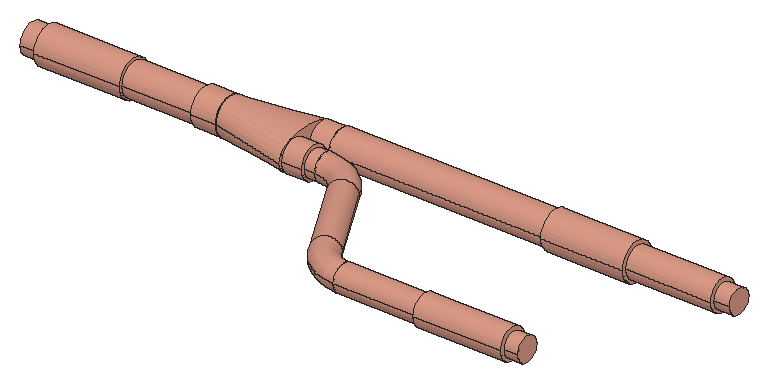
Revit family "outputfile", category 配管付属品, Revit 2024
Family settings
  丸型コネクタ寸法 = 半径を使用
  パーツ タイプ = 標準
  OmniClass 番号 = 23.65.55.00
  OmniClass タイトル = Distribution of Supplied Liquids/Gases
  作業面ベース = いいえ
  常に垂直 = はい
  ロード時にボイドで切り取り = いいえ
  共有 = いいえ
Parameters (values of type "KHRP25A22T")
  Description = ""
  製造元 = "Daikin"
  書き出し IFC クラス(タイプ) = "IfcPipeFittingType"
  定義済み IFC タイプ(タイプ) = "JUNCTION"
  Cost = 0
  Type Comments = ""
  Keynote = ""
  Type Image = (empty or 0)
  Assembly Code = ""
  mm⇔inch [instance] = yes
  Default Elevation = 0.0 mm
  モデル = "KHRP25A22T"
  table_StraightPipe [instance] = if(mm⇔inch, "Refnet Joint_KHRP25A-T_HPLPGas_StraightPipe", "Refnet Joint_KHRP25A-T_HPLPGas_StraightPipe_inch")  # "Refnet Joint_KHRP25A-T_HPLPGas_StraightPipe"
  table_BranchPipe [instance] = if(mm⇔inch, "Refnet Joint_KHRP25A-T_HPLPGas_BranchPipe", "Refnet Joint_KHRP25A-T_HPLPGas_BranchPipe_inch")  # "Refnet Joint_KHRP25A-T_HPLPGas_BranchPipe"
  table_Inlet [instance] = if(mm⇔inch, "Refnet Joint_KHRP25A-T_HPLPGas_Inlet", "Refnet Joint_KHRP25A-T_HPLPGas_Inlet_inch")  # "Refnet Joint_KHRP25A-T_HPLPGas_Inlet"
  switch_StraightPipe_Reducer [instance] = if(Is_StraightPipe Reducer = 1, 1 = 1, 1 = 0)  # no
  switch_StraightPipe3 [instance] = if(number_StraightPipe = 3, 1 = 1, 1 = 0)  # yes
  switch_StraightPipe2 [instance] = if(number_StraightPipe < 2, 1 = 0, 1 = 1)  # yes
  switch_BranchPipe_Reducer [instance] = if(Is_BranchPipe Reducer = 1, 1 = 1, 1 = 0)  # no
  switch_BranchPipe3 [instance] = if(number_BranchPipe = 3, 1 = 1, 1 = 0)  # no
  switch_BranchPipe2 [instance] = if(number_BranchPipe < 2, 1 = 0, 1 = 1)  # yes
  switch_Inlet pipe_Reducer [instance] = if(Is_Inlet Reducer = 1, 1 = 1, 1 = 0)  # no
  switch_Inlet pipe3 [instance] = if(number_InletPipe = 3, 1 = 1, 1 = 0)  # no
  switch_Inlet pipe2 [instance] = if(number_InletPipe < 2, 1 = 0, 1 = 1)  # yes
  Uniclass2015Version = "Products v1.31"
  Uniclass2015Title = "Copper pipe fittings"
  Uniclass2015Code = "Pr_65_52_63_18"
  URL = ""
  StraightPipe_HP/LP Gas_ActualDiameter [instance] = 9.5 mm
  Material_Piping = DAIKIN_Copper_Pipe
  Material_Insulation = DAIKIN_White_Insulation
  lw_Insulation [instance] = size_lookup(table_Inlet, "lw_Insulation", 60.0 mm, モデル)  # 60.0 mm
  Unit Type = "KHRP25A-T_HPLPGas"
  Tag No. [instance] = ""
  StraightPipe_HP/LP Gas_Status [instance] = size_lookup(table_StraightPipe, "Information", "The connected pipe size is not available.", モデル, [StraightPipe_HP/LP Gas_ActualDiameter])  # "Default connector size is used."
  Link_Nested Family [instance] = ""
  Inlet_HP/LP Gas_Actual Diameter [instance] = 12.7 mm
  IfcVersion = ""
  IfcExportType = "JUNCTION"
  IfcExportAs = "IfcPipeFittingType"
  BranchPipe_HP/LP Gas_Status [instance] = size_lookup(table_BranchPipe, "Information", "The connected pipe size is not available.", モデル, [BranchPipe_HP/LP Gas_ActualDiameter])  # "Default connector size is used."
  Inlet_HP/LP Gas_Status [instance] = size_lookup(table_Inlet, "Information", "The connected pipe size is not available.", モデル, [Inlet_HP/LP Gas_Actual Diameter])  # "Default connector size is used."
  Series = "Refnet Joint"
  O.R_dividePipe_Inlet [instance] = (I.D_InletPipe1 + 2.0 mm) / 2  # 8.95 mm
  r_StraightPipe_Connector [instance] = [StraightPipe_HP/LP Gas_ActualDiameter] / 2  # 4.75 mm
  r_BranchPipe_Connector [instance] = [BranchPipe_HP/LP Gas_ActualDiameter] / 2  # 4.75 mm
  r_Inlet_Connector [instance] = [Inlet_HP/LP Gas_Actual Diameter] / 2  # 6.35 mm
  number_StraightPipe [instance] = size_lookup(table_StraightPipe, "pipeNumber", 3, モデル, [StraightPipe_HP/LP Gas_ActualDiameter])  # 3
  number_BranchPipe [instance] = size_lookup(table_BranchPipe, "pipeNumber", 2, モデル, [BranchPipe_HP/LP Gas_ActualDiameter])  # 2
  number_InletPipe [instance] = size_lookup(table_Inlet, "pipeNumber", 2, モデル, [Inlet_HP/LP Gas_Actual Diameter])  # 2
  r_BranchPipeR [instance] = size_lookup(table_BranchPipe, "r_offsetPipeR", 20.0 mm, モデル, [BranchPipe_HP/LP Gas_ActualDiameter])  # 20.0 mm
  l_BranchPipe_Straight2 [instance] = size_lookup(table_BranchPipe, "L_offsetPipe2", 40.0 mm, モデル)  # 40.0 mm
  l_BranchPipe_Straight1 [instance] = size_lookup(table_BranchPipe, "L_offsetPipe1", 5.5 mm, モデル)  # 5.5 mm
  l_BranchPipe connector [instance] = size_lookup(table_BranchPipe, "Length", 165.0 mm, モデル, [BranchPipe_HP/LP Gas_ActualDiameter])  # 165.0 mm
  l_inlet connector [instance] = size_lookup(table_Inlet, "Length", 97.0 mm, モデル, [Inlet_HP/LP Gas_Actual Diameter])  # 97.0 mm
  l_dividePipe [instance] = size_lookup(table_Inlet, "L_devidePipe", 38.0 mm, モデル)  # 38.0 mm
  l_StraightPipeReducer [instance] = size_lookup(table_StraightPipe, "L_Reducer", 100.0 mm, モデル, [StraightPipe_HP/LP Gas_ActualDiameter])  # 100.0 mm
  l_StraightPipe3 [instance] = size_lookup(table_StraightPipe, "L_Pipe3", 8.0 mm, モデル)  # 8.0 mm
  l_StraightPipe2 [instance] = size_lookup(table_StraightPipe, "L_Pipe2", 42.0 mm, モデル)  # 42.0 mm
  l_StraightPipe1 [instance] = size_lookup(table_StraightPipe, "L_Pipe1", 40.0 mm, モデル)  # 40.0 mm
  l_StraightPipe0 [instance] = size_lookup(table_StraightPipe, "L_Pipe0", 105.0 mm, モデル)  # 105.0 mm
  l_StraightPipe connector [instance] = size_lookup(table_StraightPipe, "Length", 205.0 mm, モデル, [StraightPipe_HP/LP Gas_ActualDiameter])  # 205.0 mm
  l_BranchPipe Reducer [instance] = size_lookup(table_BranchPipe, "L_Reducer", 80.0 mm, モデル, [BranchPipe_HP/LP Gas_ActualDiameter])  # 80.0 mm
  l_BranchPipe3 [instance] = size_lookup(table_BranchPipe, "L_Pipe3", 2.0 mm, モデル)  # 2.0 mm
  l_BranchPipe2 [instance] = size_lookup(table_BranchPipe, "L_Pipe2", 7.0 mm, モデル)  # 7.0 mm
  l_BranchPipe1 [instance] = size_lookup(table_BranchPipe, "L_Pipe1", 43.0 mm, モデル)  # 43.0 mm
  l_BranchPipe0 [instance] = size_lookup(table_BranchPipe, "L_Pipe0", 105.0 mm, モデル)  # 105.0 mm
  l_InletReducer [instance] = size_lookup(table_Inlet, "L_Reducer", 60.0 mm, モデル, [Inlet_HP/LP Gas_Actual Diameter])  # 60.0 mm
  l_InletPipe3 [instance] = size_lookup(table_Inlet, "L_Pipe3", 2.0 mm, モデル)  # 2.0 mm
  l_InletPipe2 [instance] = size_lookup(table_Inlet, "L_Pipe2", 8.0 mm, モデル)  # 8.0 mm
  l_InletPipe1 [instance] = size_lookup(table_Inlet, "L_Pipe1", 42.0 mm, モデル)  # 42.0 mm
  l_InletPipe0 [instance] = size_lookup(table_Inlet, "L_Pipe0", 35.0 mm, モデル)  # 35.0 mm
  center_StraightPipe [instance] = size_lookup(table_StraightPipe, "center_Pipe", 8.5 mm, モデル)  # 8.5 mm
  center_BranchPipe2 [instance] = size_lookup(table_BranchPipe, "center_OffsetPipe", 71.5 mm, モデル)  # 71.5 mm
  center_BranchPipe1 [instance] = size_lookup(table_BranchPipe, "center_Pipe", 8.5 mm, モデル)  # 8.5 mm
  StraightPipe_HP/LP Gas_AvailableDiameter [instance] = size_lookup(table_StraightPipe, "sizeVariation", "", モデル)  # "9.5/12.7/15.9mm"
  BranchPipe_HP/LP Gas_AvailableDiameter [instance] = size_lookup(table_BranchPipe, "sizeVariation", "", モデル)  # "9.5/12.7mm"
  Inlet_HP/LP Gas_Available Diameter [instance] = size_lookup(table_Inlet, "sizeVariation", "", モデル)  # "9.5/12.7/15.9mm"
  O.D_StraightPipe Reducer [instance] = size_lookup(table_StraightPipe, "O.D_reducer", 2.0 mm, モデル, [StraightPipe_HP/LP Gas_ActualDiameter])  # 2.0 mm
  O.D_Offset Outlet Reducer [instance] = size_lookup(table_BranchPipe, "O.D_reducer", 2.0 mm, モデル, [BranchPipe_HP/LP Gas_ActualDiameter])  # 2.0 mm
  O.D_Inlet Reducer [instance] = size_lookup(table_Inlet, "O.D_reducer", 2.0 mm, モデル, [Inlet_HP/LP Gas_Actual Diameter])  # 2.0 mm
  Is_StraightPipe Reducer [instance] = size_lookup(table_StraightPipe, "IsReducer", 0, モデル, [StraightPipe_HP/LP Gas_ActualDiameter])  # 0
  Is_BranchPipe Reducer [instance] = size_lookup(table_BranchPipe, "IsReducer", 0, モデル, [BranchPipe_HP/LP Gas_ActualDiameter])  # 0
  Is_Inlet Reducer [instance] = size_lookup(table_Inlet, "IsReducer", 0, モデル, [Inlet_HP/LP Gas_Actual Diameter])  # 0
  BranchPipe_HP/LP Gas_ActualDiameter [instance] = 9.5 mm
  Attach_Insulation [instance] = no
  I.D_StraightPipe3 [instance] = size_lookup(table_StraightPipe, "I.D_PipeSize3", 9.5 mm, モデル)  # 9.5 mm
  I.D_StraightPipe2 [instance] = size_lookup(table_StraightPipe, "I.D_PipeSize2", 12.7 mm, モデル)  # 12.7 mm
  I.D_StraightPipe1 [instance] = size_lookup(table_StraightPipe, "I.D_PipeSize1", 15.9 mm, モデル)  # 15.9 mm
  I.D_StraightPipe0 [instance] = size_lookup(table_StraightPipe, "I.D_PipeSize0", 13.9 mm, モデル)  # 13.9 mm
  I.D_BranchPipe3 [instance] = size_lookup(table_BranchPipe, "I.D_PipeSize3", 2.0 mm, モデル)  # 2.0 mm
  I.D_BranchPipe2 [instance] = size_lookup(table_BranchPipe, "I.D_PipeSize2", 9.5 mm, モデル)  # 9.5 mm
  I.D_BranchPipe1 [instance] = size_lookup(table_BranchPipe, "I.D_PipeSize1", 12.7 mm, モデル)  # 12.7 mm
  I.D_BranchPipe0 [instance] = size_lookup(table_BranchPipe, "I.D_PipeSize0", 10.7 mm, モデル)  # 10.7 mm
  I.D_Straight Reducer [instance] = size_lookup(table_StraightPipe, "I.D_reducer", 2.0 mm, モデル, [StraightPipe_HP/LP Gas_ActualDiameter])  # 2.0 mm
  I.D_OutletPipe [instance] = size_lookup(table_Inlet, "I.D_OutletPipeSize", 13.3 mm, モデル, [Inlet_HP/LP Gas_Actual Diameter])  # 13.3 mm
  I.D_Branch Reducer [instance] = size_lookup(table_BranchPipe, "I.D_reducer", 2.0 mm, モデル, [BranchPipe_HP/LP Gas_ActualDiameter])  # 2.0 mm
  I.D_Inlet Reducer [instance] = size_lookup(table_Inlet, "I.D_reducer", 2.0 mm, モデル, [Inlet_HP/LP Gas_Actual Diameter])  # 2.0 mm
  I.D_InletPipe3 [instance] = size_lookup(table_Inlet, "I.D_PipeSize3", 2.0 mm, モデル)  # 2.0 mm
  I.D_InletPipe2 [instance] = size_lookup(table_Inlet, "I.D_PipeSize2", 12.7 mm, モデル)  # 12.7 mm
  I.D_InletPipe1 [instance] = size_lookup(table_Inlet, "I.D_PipeSize1", 15.9 mm, モデル)  # 15.9 mm
  I.D_InletPipe0 [instance] = size_lookup(table_Inlet, "I.D_PipeSize0", 13.9 mm, モデル)  # 13.9 mm
Reference planes
  plane 1 "Center (Front/Back)": y = 0
  plane 2: z = 0
  plane 3 "base_left": x = 0
  plane 4: x = 2
  plane 5: x = 10
  plane 6: x = 52
  plane 7: x = 87
  plane 8: x = 99
  plane 9: x = 137
  plane 10: x = 147
  plane 11 "center_straight outlet": y = 8.5
  plane 12 "center2_offset outlet": y = -71.5
  plane 13 "center1_offset outlet": y = -8.5
  plane 14: x = 252
  plane 15: x = 292
  plane 16: x = 334
  plane 17: x = 252
  plane 18: x = 295
  plane 19: x = 302
  plane 20: x = 342
  plane 21: x = 304
  plane 22 "Reducer_straightoutlet": x = 302
  plane 23: x = 342
  plane 24: y = -17.45
  plane 25: z = 8.95
  plane 26 "Inlet_connector": x = 2
  plane 27 "Left_Insulation": x = 39
Forms (mm)
  SweptBlend 1, solid, material "DAIKIN_Copper_Pipe" <- "Material_Piping"
    path origin (0, 0, 0) x (1, 0, 0) y (0, 1, 0)
      loop
        line (99, 0) -> (137, 0)
    profile origin (99, 0, 0) x (0, 1, 0) y (0, 0, 1)
      loop
        circle (0, 0) r 8.95
    end profile origin (137, 0, 0) x (0, 1, 0) y (0, 0, 1)
      loop
        spline (-17.45, 0) -> (-16.855, -2.316) -> (-15.112, -4.475) -> (-12.339, -6.329) -> (-8.725, -7.751) -> (-4.516, -8.645) -> (0, -8.95) -> (4.516, -8.645) -> (8.725, -7.751) -> (12.339, -6.329) -> (15.112, -4.475) -> (16.855, -2.316) -> (17.45, 0)
        spline (17.45, 0) -> (16.855, 2.316) -> (15.112, 4.475) -> (12.339, 6.329) -> (8.725, 7.751) -> (4.516, 8.645) -> (0, 8.95) -> (-4.516, 8.645) -> (-8.725, 7.751) -> (-12.339, 6.329) -> (-15.112, 4.475) -> (-16.855, 2.316) -> (-17.45, 0)
Dimensions and locks
  "l_InletPipe3": plane 3 "base_left" to plane 4
  "l_InletPipe2": plane 4 to plane 5
  "l_InletPipe1": plane 5 to plane 6
  "l_InletPipe0": plane 6 to plane 7
  locked: plane 7 to plane 8 at 12
  "center_StraightPipe": plane 1 "Center (Front/Back)" to plane 11 "center_straight outlet"
  "center_BranchPipe2": plane 12 "center2_offset outlet" to plane 1 "Center (Front/Back)"
  "center_BranchPipe1": plane 13 "center1_offset outlet" to plane 1 "Center (Front/Back)"
  "l_dividePipe": plane 8 to plane 9
  plane 9 to plane 10 = 10.0 mm
  "l_StraightPipe0": plane 10 to plane 14
  "l_BranchPipe0": plane 10 to plane 17
  "l_BranchPipe1": plane 17 to plane 18
  "l_BranchPipe2": plane 18 to plane 19
  "l_StraightPipe1": plane 14 to plane 15
  "l_StraightPipe2": plane 15 to plane 16
  "l_StraightPipe3": plane 16 to plane 20
  "l_BranchPipe3": plane 19 to plane 21
  "l_BranchPipe connector": plane 9 to plane 22 "Reducer_straightoutlet"
  "l_StraightPipe connector": plane 9 to plane 23
  "O.R_dividePipe_Inlet": plane 24 to plane 13 "center1_offset outlet"
  "O.R_dividePipe_Inlet": plane 25 to plane 2
  "l_inlet connector": plane 26 "Inlet_connector" to plane 8
  "lw_Insulation": plane 27 "Left_Insulation" to plane 8
  "O.R_dividePipe_Inlet": radius of SweptBlend 1 sketch curve
  aligned and locked: level to plane 2
  aligned and locked: plane 2 to nested 1
  aligned and locked: plane 3 "base_left" to nested 1
  aligned and locked: plane 1 "Center (Front/Back)" to nested 1
  aligned and locked: plane 4 to nested 2
  aligned and locked: plane 1 "Center (Front/Back)" to nested 2
  aligned and locked: plane 5 to nested 2
  aligned and locked: plane 5 to nested 3
  aligned and locked: plane 6 to nested 3
  aligned and locked: plane 6 to nested 4
  aligned and locked: nested 4 to plane 7
  aligned and locked: nested 5 to plane 7
  aligned and locked: nested 5 to plane 8
  aligned and locked: plane 8 to SweptBlend 1 sketch curve
  aligned and locked: plane 9 to SweptBlend 1 sketch curve
  aligned and locked: plane 2 to SweptBlend 1 sketch curve  (x2)
  aligned and locked: plane 1 "Center (Front/Back)" to SweptBlend 1 sketch curve  (x2)
  aligned and locked: nested 6 to plane 9
  aligned and locked: nested 7 to plane 9
  aligned and locked: nested 6 to plane 11 "center_straight outlet"
  aligned and locked: nested 7 to plane 13 "center1_offset outlet"
  aligned and locked: nested 7 to plane 10
  aligned and locked: nested 6 to plane 10
  aligned and locked: nested 8 to plane 10
  aligned and locked: plane 14 to nested 8
  aligned and locked: nested 8 to plane 11 "center_straight outlet"
  aligned and locked: plane 14 to nested 9
  aligned and locked: nested 9 to plane 11 "center_straight outlet"
  aligned and locked: plane 15 to nested 9
  aligned and locked: nested 10 to plane 11 "center_straight outlet"
  aligned and locked: plane 15 to nested 10
  aligned and locked: plane 16 to nested 10
  aligned and locked: nested 11 to plane 12 "center2_offset outlet"
  aligned and locked: plane 17 to nested 11
  aligned and locked: plane 18 to nested 11
  aligned and locked: nested 12 to plane 12 "center2_offset outlet"
  aligned and locked: plane 18 to nested 12
  aligned and locked: plane 19 to nested 12
  aligned and locked: nested 13 to plane 10
  aligned and locked: nested 13 to plane 13 "center1_offset outlet"
  aligned and locked: nested 13 to plane 12 "center2_offset outlet"
  aligned and locked: plane 8 to nested 14
  aligned and locked: plane 1 "Center (Front/Back)" to nested 14
  aligned and locked: plane 11 "center_straight outlet" to nested 15
  aligned and locked: nested 15 to plane 9
  aligned and locked: nested 16 to plane 9
  aligned and locked: plane 12 "center2_offset outlet" to nested 16
  aligned and locked: nested 17 to plane 1 "Center (Front/Back)"
  aligned and locked: plane 16 to nested 18
  aligned and locked: plane 20 to nested 18
  aligned and locked: plane 19 to nested 19
  aligned and locked: plane 21 to nested 19
  aligned and locked: nested 20 to plane 12 "center2_offset outlet"
  aligned and locked: plane 23 to nested 21
  aligned and locked: nested 21 to plane 11 "center_straight outlet"
  aligned and locked: plane 4 to nested 1
  aligned and locked: plane 24 to SweptBlend 1 sketch curve
  aligned and locked: plane 25 to SweptBlend 1 sketch curve
  aligned and locked: nested 19 to plane 12 "center2_offset outlet"
  aligned and locked: nested 18 to plane 11 "center_straight outlet"
  aligned and locked: nested 17 to plane 26 "Inlet_connector"
  aligned and locked: plane 22 "Reducer_straightoutlet" to nested 20
  aligned and locked: plane 27 "Left_Insulation" to nested 22
  aligned and locked: plane 1 "Center (Front/Back)" to nested 22
Automatic sketch dimensions
  plane 1 "Center (Front/Back)" to SweptBlend 1 sketch curve = 0.0 mm
Nested families
  nested 1: "daikin_Pipe" at (1, 0, 0), I.D_Pipe <- "I.D_InletPipe3", display <- "switch_Inlet pipe3", type "*"
    with length_Pipe 2.0 mm, display no, O.D_Pipe 4.0 mm, I.D_Pipe 2.0 mm
  nested 2: "daikin_Pipe" at (6, 0, 0), I.D_Pipe <- "I.D_InletPipe2", display <- "switch_Inlet pipe2", type "*"
    with length_Pipe 8.0 mm, display yes, O.D_Pipe 14.7 mm, I.D_Pipe 12.7 mm
  nested 3: "daikin_Pipe" at (31, 0, 0), I.D_Pipe <- "I.D_InletPipe1", type "*"
    with length_Pipe 42.0 mm, display yes, O.D_Pipe 17.9 mm, I.D_Pipe 15.9 mm
  nested 4: "daikin_Pipe" at (69.5, 0, 0), I.D_Pipe <- "I.D_InletPipe0", type "*"
    with length_Pipe 35.0 mm, display yes, O.D_Pipe 15.9 mm, I.D_Pipe 13.9 mm
  nested 5: "daikin_Pipe" at (93, 0, 0), I.D_Pipe <- "I.D_InletPipe1", type "*"
    with length_Pipe 12.0 mm, display yes, O.D_Pipe 17.9 mm, I.D_Pipe 15.9 mm
  nested 6: "daikin_Pipe" at (142, 8.5, 0), I.D_Pipe <- "I.D_OutletPipe", type "*"
    with length_Pipe 10.0 mm, display yes, O.D_Pipe 15.3 mm, I.D_Pipe 13.3 mm
  nested 7: "daikin_Pipe" at (142, -8.5, 0), I.D_Pipe <- "I.D_OutletPipe", type "*"
    with length_Pipe 10.0 mm, display yes, O.D_Pipe 15.3 mm, I.D_Pipe 13.3 mm
  nested 8: "daikin_Pipe" at (199.5, 8.5, 0), I.D_Pipe <- "I.D_StraightPipe0", type "*"
    with length_Pipe 105.0 mm, display yes, O.D_Pipe 15.9 mm, I.D_Pipe 13.9 mm
  nested 9: "daikin_Pipe" at (272, 8.5, 0), I.D_Pipe <- "I.D_StraightPipe1", type "*"
    with length_Pipe 40.0 mm, display yes, O.D_Pipe 17.9 mm, I.D_Pipe 15.9 mm
  nested 10: "daikin_Pipe" at (313, 8.5, 0), I.D_Pipe <- "I.D_StraightPipe2", display <- "switch_StraightPipe2", type "*"
    with length_Pipe 42.0 mm, display yes, O.D_Pipe 14.7 mm, I.D_Pipe 12.7 mm
  nested 11: "daikin_Pipe" at (273.5, -71.5, 0), I.D_Pipe <- "I.D_BranchPipe1", type "*"
    with length_Pipe 43.0 mm, display yes, O.D_Pipe 14.7 mm, I.D_Pipe 12.7 mm
  nested 12: "daikin_Pipe" at (298.5, -71.5, 0), I.D_Pipe <- "I.D_BranchPipe2", display <- "switch_BranchPipe2", type "*"
    with length_Pipe 7.0 mm, display yes, O.D_Pipe 11.5 mm, I.D_Pipe 9.5 mm
  nested 13: "daikin_Pipe Ofsset" at (147, -8.5, 0), I.D_Pipe size <- "I.D_BranchPipe0", length_straight pipe1 <- "l_BranchPipe_Straight1", length_straight pipe2 <- "l_BranchPipe_Straight2", r_Pipe R <- "r_BranchPipeR", length_Pipe <- "l_BranchPipe0", type "*"
    with r_Pipe R 20.0 mm, length_straight pipe2 40.0 mm, length_straight pipe1 5.5 mm, length_offset center 63.0 mm, length_Pipe 105.0 mm, O.D_Pipe size 12.7 mm, I.D_Pipe size 10.7 mm
  nested 14: "daikin_connector_rotate2" at (99, 0, 0) x (0, -1, 0) z (0, 0, 1), length <- "l_inlet connector", type "daikin_connector_rotate2"
    with radius 5.0 mm, length 97.0 mm, angle_vertical 90.00°, locaton_mark no
  nested 15: "daikin_connector_rotate2" at (137, 8.5, 0) x (0, 1, 0) z (0, 0, 1), length <- "l_StraightPipe connector", type "daikin_connector_rotate2"
    with radius 5.0 mm, length 205.0 mm, angle_vertical 90.00°, locaton_mark no
  nested 16: "daikin_connector_rotate2" at (137, -71.5, 0) x (0, 1, 0) z (0, 0, 1), length <- "l_BranchPipe connector", type "daikin_connector_rotate2"
    with radius 5.0 mm, length 165.0 mm, angle_vertical 90.00°, locaton_mark no
  nested 17: "daikin_Pipe_reducer" at (32, 0, 0) x (-1, 0, 0) z (0, 0, 1), display <- "switch_Inlet pipe_Reducer", length_Pipe <- "l_InletReducer", I.D_Pipe1 <- "I.D_Inlet Reducer", O.D_Pipe2 <- "O.D_Inlet Reducer", type "*"
    with length_Pipe 60.0 mm, display no, O.D_Pipe2 2.0 mm, O.D_Pipe1 4.0 mm, I.D_Pipe2 0.0 mm, I.D_Pipe1 2.0 mm
  nested 18: "daikin_Pipe" at (338, 8.5, 0), I.D_Pipe <- "I.D_StraightPipe3", display <- "switch_StraightPipe3", type "*"
    with length_Pipe 8.0 mm, display yes, O.D_Pipe 11.5 mm, I.D_Pipe 9.5 mm
  nested 19: "daikin_Pipe" at (303, -71.5, 0), I.D_Pipe <- "I.D_BranchPipe3", display <- "switch_BranchPipe3", type "*"
    with length_Pipe 2.0 mm, display no, O.D_Pipe 4.0 mm, I.D_Pipe 2.0 mm
  nested 20: "daikin_Pipe_reducer" at (262, -71.5, 0), I.D_Pipe1 <- "I.D_Branch Reducer", O.D_Pipe2 <- "O.D_Offset Outlet Reducer", length_Pipe <- "l_BranchPipe Reducer", display <- "switch_BranchPipe_Reducer", type "*"
    with length_Pipe 80.0 mm, display no, O.D_Pipe2 2.0 mm, O.D_Pipe1 4.0 mm, I.D_Pipe2 0.0 mm, I.D_Pipe1 2.0 mm
  nested 21: "daikin_Pipe_reducer" at (292, 8.5, 0), I.D_Pipe1 <- "I.D_Straight Reducer", O.D_Pipe2 <- "O.D_StraightPipe Reducer", length_Pipe <- "l_StraightPipeReducer", display <- "switch_StraightPipe_Reducer", type "*"
    with length_Pipe 100.0 mm, display no, O.D_Pipe2 2.0 mm, O.D_Pipe1 4.0 mm, I.D_Pipe2 0.0 mm, I.D_Pipe1 2.0 mm
  nested 22: "daikin_Insulation_RefnetJoint" at (39, 0, 0), I.D_Outlet PipeSize <- "I.D_OutletPipe", type "*"
    with h 45.3 mm, I.D_Outlet PipeSize 13.3 mm
Connectors
  piping at (2, 0, 0), diameter 12.7, driven by "r_Inlet_Connector"
    settings: on nested 14, index 1, connector inside diameter 609.6 mm, connector length 0.0 mm, flow factor 0, pipe flow 0.00 m³/h, pressure drop 0.0 Pa, fitting loss kfactor 0, connector angle 0.00°, fixture units 0, engagement length 0.0 mm, angle of deflection 0.00°, flow configuration 0, flow direction 0, fitting loss method 0, system type 29, joint type 0, gender type 0, connector reference index -1, connector utility 0, adjustable connector no, is connector primary yes, connector description "Refnet Joint_Inlet_HP/LP Gas"
  piping at (302, -71.5, 0), diameter 9.5, driven by "r_BranchPipe_Connector"
    settings: on nested 16, index 2, connector inside diameter 609.6 mm, connector length 0.0 mm, flow factor 0, pipe flow 0.00 m³/h, pressure drop 0.0 Pa, fitting loss kfactor 0, connector angle 0.00°, fixture units 0, engagement length 0.0 mm, angle of deflection 0.00°, flow configuration 0, flow direction 0, fitting loss method 0, system type 29, joint type 0, gender type 0, connector reference index -1, connector utility 0, adjustable connector no, is connector primary no, connector description "Refnet Joint_Outlet Branch_HP/LP Gas"
  piping at (342, 8.5, 0), diameter 9.5, driven by "r_StraightPipe_Connector"
    settings: on nested 15, index 3, connector inside diameter 609.6 mm, connector length 0.0 mm, flow factor 0, pipe flow 0.00 m³/h, pressure drop 0.0 Pa, fitting loss kfactor 0, connector angle 0.00°, fixture units 0, engagement length 0.0 mm, angle of deflection 0.00°, flow configuration 0, flow direction 0, fitting loss method 0, system type 29, joint type 0, gender type 0, connector reference index -1, connector utility 0, adjustable connector no, is connector primary no, connector description "Refnet Joint_Outlet Straight_HP/LP Gas"
Definition of nested family "daikin_Pipe"
  Parameters (values of type "*")
    Default Elevation = 0.0 mm
    material = none
    length_Pipe [instance] = 150.0 mm
    display [instance] = yes
    O.D_Pipe [instance] = I.D_Pipe + 2.0 mm  # 27.0 mm
    I.D_Pipe [instance] = 25.0 mm
  Reference planes
    plane 1 "Center (Front/Back)": y = 0
    plane 2 "center(vertical)": z = 0
    plane 3 "Center (Left/Right)": x = 0
    plane 4 "left": x = -75
    plane 5 "right": x = 75
  Forms (mm)
    Extrusion 1, solid, material <- "material", visible <- "display"
      sketch origin (0, 0, 0) x (0, 1, 0) y (0, 0, 1)
        loop
          circle (0, 0) r 13.5
      from -75 to 75
  Dimensions and locks
    equal spacing: plane 4 "left", plane 3 "Center (Left/Right)", plane 5 "right"
    "length_Pipe": plane 4 "left" to plane 5 "right"
    "O.D_Pipe": diameter of Extrusion 1 sketch curve
    aligned and locked: level to plane 2 "center(vertical)"
    aligned and locked: plane 2 "center(vertical)" to Extrusion 1 sketch curve
    aligned and locked: plane 1 "Center (Front/Back)" to Extrusion 1 sketch curve
    aligned and locked: plane 5 "right" to Extrusion 1
    aligned and locked: Extrusion 1 to plane 4 "left"
Definition of nested family "daikin_Pipe Ofsset"
  Parameters (values of type "*")
    Default Elevation = 0.0 mm
    r_Pipe R [instance] = 40.0 mm
    material = none
    length_straight pipe2 [instance] = 43.0 mm
    length_straight pipe1 [instance] = 5.0 mm
    length_offset center [instance] = 57.0 mm
    length_Pipe [instance] = 110.0 mm
    O.D_Pipe size [instance] = I.D_Pipe size + 2.0 mm  # 12.0 mm
    I.D_Pipe size [instance] = 10.0 mm
  Reference planes
    plane 1 "Center (Front/Back)": y = 0
    plane 2: z = 0
    plane 3 "Center (Left/Right)": x = 0
    plane 4: y = -57
    plane 5: x = 110
    plane 6: x = 67
    plane 7: x = 5
  Forms (mm)
    Sweep 1, solid, material <- "material"
      path origin (0, 0, 0) x (1, 0, 0) y (0, 1, 0)
        loop
          line (0, 0) -> (5, 0)
          arc (5, 0) -> (20.74, -3.227) -> (33.94, -12.387) r 40
          line (33.94, -12.387) -> (38.06, -44.613)
          arc (38.06, -44.613) -> (51.26, -53.773) -> (67, -57) r 40
          line (67, -57) -> (110, -57)
      profile origin (2.5, 0, 0) x (0, 1, 0) y (0, 0, 1)
        loop
          circle (0, 0) r 6
  Dimensions and locks
    "length_offset center": plane 4 to plane 1 "Center (Front/Back)"
    "length_straight pipe1": plane 3 "Center (Left/Right)" to plane 7
    "length_Pipe": plane 3 "Center (Left/Right)" to plane 5
    "length_straight pipe2": plane 6 to plane 5
    "O.D_Pipe size": diameter of Sweep 1 sketch curve
    "r_Pipe R": radius of Sweep 1 sketch curve  (x2)
    aligned and locked: level to plane 2
    aligned and locked: plane 1 "Center (Front/Back)" to Sweep 1 sketch curve
    aligned and locked: profile plane to Sweep 1 sketch curve
    aligned and locked: plane 5 to Sweep 1 sketch curve
    aligned and locked: plane 7 to Sweep 1 sketch curve
    aligned and locked: plane 6 to Sweep 1 sketch curve
  Automatic sketch dimensions
    plane 1 "Center (Front/Back)" to Sweep 1 sketch curve = 0.0 mm
    Sweep 1 sketch curve to plane 3 "Center (Left/Right)" = 0.0 mm
    plane 4 to Sweep 1 sketch curve = 0.0 mm
    plane 1 "Center (Front/Back)" to Sweep 1 sketch curve = 12.387 mm
    Sweep 1 sketch curve to plane 4 = 12.387 mm
Definition of nested family "daikin_connector_rotate2"
  Parameters (values of type "daikin_connector_rotate2")
    show_face = no
    radius [instance] = 10.0 mm
    locaton_mark = yes
    length [instance] = 600.0 mm
    d_surface = 10.0 mm
    angle_vertical [instance] = 90.00°
    Default Elevation = 0.0 mm
  Reference planes
    plane 1 "Center (Front/Back)": y = 0
    plane 2: z = 0
    plane 3 "Center (Left/Right)": x = 0
  Forms (mm)
    Extrusion 1, solid, visible <- "show_face"
      sketch origin (0, -600, 0) x (1, 0, 0) y (0, 0, 1)
        loop
          circle (0, 0) r 10
      from 0 to -10
  Lines and regions (mm)
    reference lines
      curve 1: line (0, 0, 0) -> (0, -600, 0)
    symbolic lines, visible <- "locaton_mark"
      curve 2: circle (0, 0, 0) r 5 normal (0, 0, 1)
    model lines, visible <- "show_face"
      curve 3: line (0, 0, 0) -> (0, -600, 0)
  Dimensions and locks
    "length": curve 1 to curve 1
    "length": curve 3 to curve 3
    "d_surface": Extrusion 1 to Extrusion 1
    "radius": radius of Extrusion 1 sketch curve
    "angle_vertical": angle curve 1 to plane 1 "Center (Front/Back)"
    "angle_vertical": angle curve 3 to plane 1 "Center (Front/Back)"
    aligned and locked: level to plane 2
    aligned and locked: plane 1 "Center (Front/Back)" to curve 1
    aligned and locked: plane 2 to curve 1
    aligned and locked: plane 1 "Center (Front/Back)" to curve 2
    aligned and locked: plane 3 "Center (Left/Right)" to curve 2
    aligned and locked: plane 1 "Center (Front/Back)" to curve 3
    aligned and locked: plane 2 to curve 3
    aligned and locked: Extrusion 1 to Extrusion 1
  Automatic sketch dimensions
    Extrusion 1 sketch curve to level = 0.0 mm
    Extrusion 1 sketch curve to plane 3 "Center (Left/Right)" = 0.0 mm
    radius of curve 2 = 5.0 mm
Definition of nested family "daikin_Pipe_reducer"
  Parameters (values of type "*")
    Default Elevation = 0.0 mm
    material = none
    length_Pipe [instance] = 250.0 mm
    display [instance] = yes
    O.D_Pipe2 [instance] = 19.1 mm
    O.D_Pipe1 [instance] = I.D_Pipe1 + 2.0 mm  # 24.2 mm
    I.D_Pipe2 [instance] = O.D_Pipe2 - 2.0 mm  # 17.1 mm
    I.D_Pipe1 [instance] = 22.2 mm
  Reference planes
    plane 1 "Center (Front/Back)": y = 0
    plane 2 "center(vertical)": z = 0
    plane 3 "Center (Left/Right)": x = 0
    plane 4 "connection": x = -125
    plane 5 "right": x = 113
    plane 6: x = 125
  Forms (mm)
    Extrusion 1, solid, material <- "material", visible <- "display"
      sketch origin (0, 0, 0) x (0, 1, 0) y (0, 0, 1)
        loop
          circle (0, 0) r 9.55
      from -125 to 113
    Extrusion 2, solid, material <- "material", visible <- "display"
      sketch origin (0, 0, 0) x (0, 1, 0) y (0, 0, 1)
        loop
          circle (0, 0) r 12.1
      from 113 to 125
  Dimensions and locks
    locked: plane 5 "right" to plane 6 at 12
    "length_Pipe": plane 4 "connection" to plane 6
    equal spacing: plane 4 "connection", plane 3 "Center (Left/Right)", plane 6
    "O.D_Pipe2": diameter of Extrusion 1 sketch curve
    "O.D_Pipe1": diameter of Extrusion 2 sketch curve
    aligned and locked: level to plane 2 "center(vertical)"
    aligned and locked: plane 2 "center(vertical)" to Extrusion 1 sketch curve
    aligned and locked: plane 1 "Center (Front/Back)" to Extrusion 1 sketch curve
    aligned and locked: plane 5 "right" to Extrusion 1
    aligned and locked: Extrusion 1 to plane 4 "connection"
    aligned and locked: plane 2 "center(vertical)" to Extrusion 2 sketch curve
    aligned and locked: plane 1 "Center (Front/Back)" to Extrusion 2 sketch curve
    aligned and locked: Extrusion 2 to plane 5 "right"
    aligned and locked: plane 6 to Extrusion 2
Definition of nested family "daikin_Insulation_RefnetJoint"
  Parameters (values of type "*")
    r_Insulation = size_lookup(table_Insulation, "r_Insulation", 13.5 mm, Model)  # 13.5 mm
    h_Insulation = size_lookup(table_Insulation, "h_Insulation", 202.5 mm, Model)  # 202.5 mm
    d_Insulation3_3 = size_lookup(table_Insulation, "d_Insulation3_3", 68.0 mm, Model)  # 68.0 mm
    d_Insulation2_2 = size_lookup(table_Insulation, "d_Insulation2_2", 39.5 mm, Model)  # 39.5 mm
    d_Insulation1_1 = size_lookup(table_Insulation, "d_Insulation1_1", 28.0 mm, Model)  # 28.0 mm
    Default Elevation = 0.0 mm
    Model = "KHRP25A22T"
    w_Insulation5 = size_lookup(table_Insulation, "w_Insulation5", 212.0 mm, Model)  # 212.0 mm
    w_Insulation4 = size_lookup(table_Insulation, "w_Insulation4", 67.0 mm, Model)  # 67.0 mm
    w_Insulation3 = size_lookup(table_Insulation, "w_Insulation3", 34.7 mm, Model)  # 34.7 mm
    w_Insulation2 = size_lookup(table_Insulation, "w_Insulation2", 80.0 mm, Model)  # 80.0 mm
    w_Insulation1 = size_lookup(table_Insulation, "w_Insulation1", 22.0 mm, Model)  # 22.0 mm
    table_Insulation = "Refnet Joint_KHRP25A-T_HPLPGas_Insulation"  # constant formula
    material = none
    h [instance] = (I.D_Outlet PipeSize + 2.0 mm) + 30.0 mm  # 47.0 mm
    display = no
    d_Insulation3 = size_lookup(table_Insulation, "d_Insulation3", 63.5 mm, Model)  # 63.5 mm
    d_Insulation2 = size_lookup(table_Insulation, "d_Insulation2", 39.5 mm, Model)  # 39.5 mm
    d_Insulation1 = size_lookup(table_Insulation, "d_Insulation1", 28.0 mm, Model)  # 28.0 mm
    I.D_Outlet PipeSize [instance] = 15.0 mm
  Reference planes
    plane 1 "Center (Front/Back)": y = 0
    plane 2: z = 0
    plane 3 "Left": x = 0
    plane 4 "top": z = 23.5
    plane 5 "bottom": z = -23.5
    plane 6: x = 22
    plane 7: x = 80
    plane 8: y = 28
    plane 9: y = -28
    plane 10: y = 39.5
    plane 11: y = -39.5
    plane 12: y = -92
    plane 13: x = 212
    plane 14: y = -28.5
    plane 15: x = 114.7
    plane 16: x = 145
    plane 17: x = 202.5
  Forms (mm)
    Extrusion 1, solid, material <- "material", visible <- "display"
      sketch origin (0, 0, 0) x (1, 0, 0) y (0, 1, 0)
        loop
          line (22, 28) -> (0, 28) -> (0, -28) -> (22, -28) -> (80, -39.5) -> (114.7, -39.5) -> (145, -92) -> (212, -92) -> (212, -42) -> (202.5, -42)
          arc (202.5, -42) -> (189, -28.5) -> (202.5, -15) r 13.5
          line (202.5, -15) -> (212, -15) -> (212, 39.5) -> (80, 39.5) -> (22, 28)
      from -23.5 to 23.5
  Dimensions and locks
    equal spacing: plane 4 "top", plane 2, plane 5 "bottom"
    "h": plane 4 "top" to plane 5 "bottom"
    "w_Insulation1": plane 3 "Left" to plane 6
    "w_Insulation2": plane 3 "Left" to plane 7
    "w_Insulation5": plane 3 "Left" to plane 13
    "w_Insulation3": plane 7 to plane 15
    "w_Insulation4": plane 16 to plane 13
    "d_Insulation1": plane 1 "Center (Front/Back)" to plane 9
    "d_Insulation1_1": plane 8 to plane 1 "Center (Front/Back)"
    "d_Insulation2": plane 1 "Center (Front/Back)" to plane 11
    "d_Insulation2_2": plane 10 to plane 1 "Center (Front/Back)"
    "d_Insulation3_3": plane 10 to plane 14
    "d_Insulation3": plane 14 to plane 12
    "r_Insulation": Extrusion 1 sketch curve to plane 14
    "r_Insulation": plane 14 to Extrusion 1 sketch curve
    "h_Insulation": plane 3 "Left" to plane 17
    "r_Insulation": radius of Extrusion 1 sketch curve
    aligned and locked: level to plane 2
    aligned and locked: Extrusion 1 to plane 5 "bottom"
    aligned and locked: plane 4 "top" to Extrusion 1
    aligned and locked: plane 6 to Extrusion 1  (x2)
    aligned and locked: plane 7 to Extrusion 1  (x2)
    aligned and locked: plane 6 to Extrusion 1 sketch curve
    aligned and locked: plane 11 to Extrusion 1 sketch curve
    aligned and locked: plane 7 to Extrusion 1 sketch curve  (x2)
    aligned and locked: plane 10 to Extrusion 1 sketch curve
    aligned and locked: Extrusion 1 sketch curve to plane 12
    aligned and locked: Extrusion 1 sketch curve to plane 13  (x2)
    aligned and locked: plane 16 to Extrusion 1 sketch curve
    aligned and locked: plane 15 to Extrusion 1 sketch curve
    aligned and locked: plane 17 to Extrusion 1 sketch curve
  Automatic sketch dimensions
    Extrusion 1 sketch curve to plane 3 "Left" = 0.0 mm
    Extrusion 1 sketch curve to plane 6 = 0.0 mm
    Extrusion 1 sketch curve to plane 9 = 0.0 mm
    Extrusion 1 sketch curve to plane 8 = 0.0 mm
